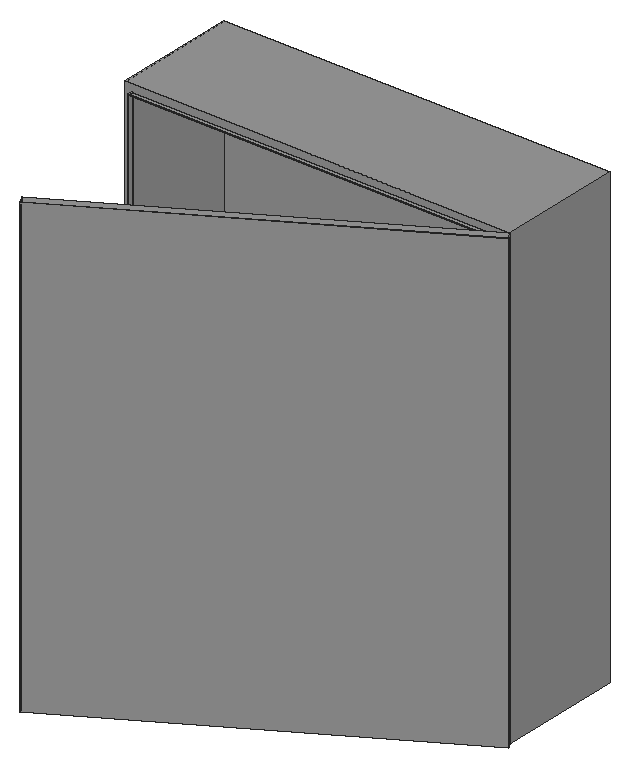
Revit family "Hager-Univers-IP55-D275-H950-Cl.II-Steel_encl-NoHosted-BE-en", category Equipement électrique, Revit 2020
Family settings
  Configuration du panneau = Deux colonnes, circuits au sein
  Cote de connecteur circulaire = Utiliser le diamètre
  Type d'élément = Tableau de raccordement
  Basée sur le plan de construction = Oui
  Toujours verticalement = Oui
  Couper avec des vides une fois chargée = Non
  Partagée = Non
  Point de calcul de pièce = Non
Parameters (values of type "Surface mounted (plaster) IP55 W800 H950 D275  - FR63S")
  Width Control [instance] = if([EF000008 - Width] > Min Width, [EF000008 - Width], Min Width)  # 800 mm
  Commentaires du type = [HG000003 - Range]  # "Univers"
  Thickness Door [instance] = if([EF009171 - Material plate thickness door/cover] > 3 mm, 3 mm, [EF009171 - Material plate thickness door/cover])  # 1.5 mm
  Seal Frame Offset [instance] = 17 mm  # constant formula
  Plinth Visibility [instance] = [HG000027 - Plinth height] > 0 mm  # no
  Min Width [instance] = 100 mm  # constant formula
  Min Depth [instance] = (2 * [EF009170 - Material plate thickness cabinet]) + 1 mm  # 4 mm
  Min Height [instance] = 100 mm  # constant formula
  Internal Frame Depth [instance] = (Door System Depth * 0.5)  # 9 mm
  Panel Name [instance] = ""  # (empty or 0)
  Model = ""
  HG000027 - Plinth height = 0 mm
  HG000026 - Floor standing = no
  HG000024 - Bottom section height = 600 mm
  HG000023 - Double section enclosure = no
  HG000016 - Door 3d visibility [instance] = yes
  HG000015 - Clearance visibility [instance] = no
  HG000014 - Door on the right [instance] = yes
  HG000013 - Door on the left [instance] = not([HG000014 - Door on the right])  # no
  HG000012 - Door swing angle [instance] = 30.00°
  HG000010 - Asymmetric doors = no
  HG000009 - Double swing door = no
  HG000006 - Flush mounted = no
  HG000004 - Manufacturer reference = "FR63S"
  HG000003 - Range = "Univers"
  HG000002 - With door or cover = yes
  Frame Offset Bottom [instance] = 10 mm  # constant formula
  Frame Offset [instance] = 15 mm  # constant formula
  EF015940 - Cover with overpressure release = no
  EF011959 - Degree of protection (NEMA) = ""
  EF009554 - Number of openings for flange plates = 6
  EF009212 - Cover model = "EV000116 - Closed"
  EF009171 - Material plate thickness door/cover = 1.5 mm
  EF009170 - Material plate thickness cabinet = 1.5 mm
  EF008873 - Nominal current (In) = 800 A
  EF007800 - Suitable for lightning protection = no
  EF006306 - With lock = no
  EF006244 - Transparent cover/door = no
  EF005474 - Degree of protection (IP) = "EV006420 - IP55"
  EF004464 - Type of door = "EV002646 - Single"
  EF004427 - Number of modules = 216
  EF004293 - Impact strength = "EV008784 - IK10"
  EF003532 - Suitable for outdoor use = no
  EF002950 - Width in number of modular spacings = 24
  EF001613 - Circuit integrity = "EV000494 - None"
  EF001596 - Material housing = "EV000179 - Steel"
  EF001131 - Internal depth = 275 mm
  EF001088 - Extension possible = yes
  EF000437 - Number of conduit inlets = 6
  EF000339 - Type of cover = "EV004216 - Door"
  EF000266 - Number of rows = 6
  EF000218 - Built-in depth = 0 mm
  EF000118 - With mounting plate = no
  EF000116 - RAL-number = "7035"
  EF000049 - Depth = 275 mm
  EF000040 - Height = 950 mm
  EF000008 - Width = 800 mm
  EF000007 - Colour = "EV000270 - Grey"
  EF000003 - Mounting method = "EV000384 - Surface mounted (plaster)"
  Door System Leaf Tolerance [instance] = 1.5 mm  # constant formula
  Door System Depth [instance] = 18 mm  # constant formula
  Door Height [instance] = Height Control - [HG000027 - Plinth height]  # 950 mm
  Description = ""
  Default Elevation = 1219.2 mm
  Connector Offset [instance] = Height Control / 2  # 475 mm
  Fabricant = "Hager"  # constant formula
  Height Control [instance] = if([EF000040 - Height] > Min Height, [EF000040 - Height], Min Height)  # 950 mm
  Depth Control [instance] = if([EF000049 - Depth] > Min Depth, [EF000049 - Depth], Min Depth)  # 275 mm
  Bottom Top Plate Trim [instance] = 1.5 mm  # constant formula
  Plinth height Ctrl [instance] = if([HG000027 - Plinth height] > 0 mm, [HG000027 - Plinth height], 12 mm)  # 12 mm
Types (5, lengths in mm): name | Width Control | HG000010 - Asymmetric doors | HG000009 - Double swing door | HG000004 - Manufacturer reference | EF009554 - Number of openings for flange plates | EF004464 - Type of door | EF004427 - Number of modules | EF000437 - Number of conduit inlets | EF000008 - Width
  Surface mounted (plaster) IP55 W1050 H950 D275  - FR64S | 1050 | no | yes | "FR64S" | 8 | "EV003602 - Double" | 288 | 8 | 1050
  Surface mounted (plaster) IP55 W1300 H950 D275  - FR65S | 1300 | yes | yes | "FR65S" | 10 | "EV003602 - Double" | 360 | 10 | 1300
  Surface mounted (plaster) IP55 W300 H950 D275  - FR61S | 300 | no | no | "FR61S" | 2 | "EV002646 - Single" | 72 | 2 | 300
  Surface mounted (plaster) IP55 W550 H950 D275  - FR62S | 550 | no | no | "FR62S" | 4 | "EV002646 - Single" | 144 | 4 | 550
  Surface mounted (plaster) IP55 W800 H950 D275  - FR63S | 800 | no | no | "FR63S" | 6 | "EV002646 - Single" | 216 | 6 | 800
Reference planes
  plane 1 "Center (Front/Back)": y = 0
  plane 2: z = 0
  plane 3 "Center (Left/Right)": x = 0
  plane 4: y = 0
  plane 5: y = 0
  plane 6: z = 0
  plane 7: x = -400
  plane 8: x = 400
  plane 9: x = 398.5
  plane 10: x = -398.5
  plane 11: z = 0
  plane 12: z = 1.5
  plane 13: y = -275
  plane 14: y = -1.5
  plane 15: x = 0
  plane 16: y = -257
  plane 17: y = -273.5
  plane 18: y = -255.5
  plane 19: x = -383.5
  plane 20: x = 383.5
  plane 21: z = 11.5
  plane 22: x = -383
  plane 23: x = 383
  plane 24: z = 0
  plane 25: z = 950
  plane 26: z = 950
  plane 27: z = 933.5
  plane 28: z = 948.5
Forms (mm)
  Extrusion 1, solid, material "Hager_Steel_RAL7035_Light_Grey", detail levels medium+fine
    sketch origin (-208.679, -4572, 0) x (-1, 0, 0) y (0, -1, 0)
      loop
        line (191.321, -4315) -> (-608.679, -4315) -> (-608.679, -4572) -> (191.321, -4572) -> (191.321, -4315)
    from 0 to 950
  Extrusion 2, void
    sketch origin (-350.771, -275, 1219.2) x (1, 0, 0) y (0, 0, 1)
      loop
        line (-47.729, -270.7) -> (-47.729, -1217.7) -> (749.271, -1217.7) -> (749.271, -270.7) -> (-47.729, -270.7)
    from -19.5 to -273.5
  Extrusion 3, void
    sketch origin (-290.084, -257, 1219.2) x (1, 0, 0) y (0, 0, 1)
      loop
        line (-93.416, -1207.7) -> (673.584, -1207.7) -> (673.584, -285.7) -> (-93.416, -285.7) -> (-93.416, -1207.7)
    from 0 to -1.5
  Extrusion 4, solid, material "Hager_Steel_RAL7035_Light_Grey", visible <- "Plinth Visibility", detail levels medium+fine
    sketch origin (0, 0, 0) x (1, 0, 0) y (0, 1, 0)
      loop
        line (-400, 0) -> (-400, -257) -> (400, -257) -> (400, 0) -> (-400, 0)
    from 0 to 12 <- "Plinth height Ctrl"
  Extrusion 5, solid, material "Hager_Steel_RAL7035_Light_Grey", detail levels coarse
    sketch origin (0, 0, 0) x (1, 0, 0) y (0, 1, 0)
      loop
        line (-400, 0) -> (-400, -275) -> (400, -275) -> (400, 0) -> (-400, 0)
    from 0 to 950 <- "Height Control"
  Sweep 6, void
    path in 3D
      loop
        line (-400, -257, 12) -> (400, -257, 12) -> (400, 0, 12) -> (-400, 0, 12) -> (-400, -257, 12)
    profile origin (-400, -128.5, 12) x (1, 0, 0) y (0, 0, 1)
      loop
        line (0, 0) -> (0, -1.5) -> (1.5, -1.5)
        arc (1.5, -1.5) -> (1.061, -0.439) -> (0, 0) r 1.5
  Extrusion 7, solid, material "Hager_Steel_RAL7035_Light_Grey", detail levels fine
    sketch origin (-400, -257, 0) x (1, 0, 0) y (0, 0, 1)
      loop
        line (16.5, 11.5) -> (783.5, 11.5) -> (783.5, 933.5) -> (16.5, 933.5) -> (16.5, 11.5)
      loop
        line (15, 10) -> (785, 10) -> (785, 935) -> (15, 935) -> (15, 10)
    from 0 to 9 <- "Internal Frame Depth"
Cuts and joins
  Extrusion 2, Extrusion 3 cuts Extrusion 1
  Sweep 6 cuts Extrusion 4
Lines and regions (mm)
  Masking region 1
    outline origin (0, 0, 0) x (1, 0, 0) y (0, 1, 0)
      loop
        line (-400, 0) -> (-400, -275) -> (400, -275) -> (400, 0) -> (-400, 0)
  Masking region 2, detail levels coarse
    outline origin (-290.084, -257, 1219.2) x (-1, 0, 0) y (0, 0, 1)
      loop
        line (-690.084, -1219.2) -> (109.916, -1219.2) -> (109.916, -269.2) -> (-690.084, -269.2) -> (-690.084, -1219.2)
  Masking region 3, detail levels coarse
    outline origin (0, 0, 0) x (0, 1, 0) y (0, 0, 1)
      loop
        line (0, 0) -> (0, 950) -> (-275, 950) -> (-275, 0) -> (0, 0)
  Masking region 4, visible <- "Plinth Visibility", detail levels medium+fine
    outline origin (0, 0, 0) x (0, 1, 0) y (0, 0, 1)
      loop
        line (-1.5, 12) -> (-255.5, 12)
        arc (-255.5, 12) -> (-255.939, 10.939) -> (-257, 10.5) r 1.5
        line (-257, 10.5) -> (-257, 0) -> (0, 0) -> (0, 10.5)
        arc (0, 10.5) -> (-1.061, 10.939) -> (-1.5, 12) r 1.5
  Masking region 5, detail levels medium+fine
    outline origin (0, 0, 594.038) x (0, 1, 0) y (0, 0, 1)
      loop
        line (0, -594.038) -> (0, 355.962) -> (-257, 355.962) -> (-257, -594.038) -> (0, -594.038)
  Masking region 6, detail levels medium+fine
    outline origin (-359.7, -257, 1211.883) x (-1, 0, 0) y (0, 0, 1)
      loop
        line (-759.7, -1211.883) -> (40.3, -1211.883) -> (40.3, -261.883) -> (-759.7, -261.883) -> (-759.7, -1211.883)
  Masking region 7, visible <- "Plinth Visibility", detail levels medium+fine
    outline origin (-320.334, -257, 1041.368) x (-1, 0, 0) y (0, 0, 1)
      loop
        line (-720.334, -1041.368) -> (79.666, -1041.368) -> (79.666, -1030.868)
        arc (79.666, -1030.868) -> (78.606, -1030.429) -> (78.166, -1029.368) r 1.5
        line (78.166, -1029.368) -> (-718.834, -1029.368)
        arc (-718.834, -1029.368) -> (-719.273, -1030.429) -> (-720.334, -1030.868) r 1.5
        line (-720.334, -1030.868) -> (-720.334, -1041.368)
  sketch lines
    curve 1: line (-400, 0, 12) -> (-400, -257, 12)
    curve 2: line (-400, -257, 12) -> (400, -257, 12)
    curve 3: line (400, 0, 12) -> (-400, 0, 12)
    curve 4: line (400, -257, 12) -> (400, 0, 12)
Dimensions and locks
  locked: plane 1 "Center (Front/Back)" to plane 5
  "EF009170 - Material plate thickness cabinet": plane 7 to plane 10
  "EF009170 - Material plate thickness cabinet": plane 8 to plane 9
  equal spacing: plane 7, plane 3 "Center (Left/Right)", plane 8
  "Width Control": plane 7 to plane 8
  "Depth Control": plane 4 to plane 13
  "EF009170 - Material plate thickness cabinet": plane 4 to plane 14
  "Height Control": plane 25 to level
  "HG000027 - Plinth height": plane 11 to level
  "EF009170 - Material plate thickness cabinet": plane 12 to plane 11
  "EF009170 - Material plate thickness cabinet": plane 17 to plane 13
  "EF009170 - Material plate thickness cabinet": plane 18 to plane 16
  "Frame Offset Bottom": plane 21 to plane 12
  "Frame Offset": plane 10 to plane 19
  "Frame Offset": plane 9 to plane 20
  "Door System Depth": plane 16 to plane 13
  "Seal Frame Offset": plane 7 to plane 22
  "Seal Frame Offset": plane 8 to plane 23
  "EF009170 - Material plate thickness cabinet": plane 26 to plane 28
  "Frame Offset": plane 28 to plane 27
  "Connector Offset": plane 2 to connector elem
  "Bottom Top Plate Trim": profile plane to Sweep 6 sketch curve
  "Bottom Top Plate Trim": Sweep 6 sketch curve to Sweep 6 sketch curve
  "Plinth height Ctrl": Masking region 4 sketch curve to level
  "Plinth height Ctrl": Masking region 7 sketch curve to level
  "Thickness Door": Extrusion 7 sketch curve to Extrusion 7 sketch curve  (x4)
  "Bottom Top Plate Trim": radius of Sweep 6 sketch curve
  "Bottom Top Plate Trim": radius of Masking region 4 sketch curve  (x2)
  "Bottom Top Plate Trim": radius of Masking region 7 sketch curve  (x2)
  aligned and locked: Extrusion 2 sketch curve to plane 12
  aligned and locked: Extrusion 2 sketch curve to plane 9
  aligned and locked: Extrusion 2 sketch curve to plane 10
  aligned and locked: Extrusion 2 to plane 14
  aligned and locked: Extrusion 1 sketch curve to plane 4
  aligned and locked: plane 8 to Extrusion 1 sketch curve
  aligned and locked: plane 7 to Extrusion 1 sketch curve
  aligned and locked: Extrusion 2 to plane 18
  aligned and locked: Extrusion 3 sketch curve to plane 19
  aligned and locked: plane 20 to Extrusion 3 sketch curve
  aligned and locked: Extrusion 3 to Extrusion 2
  aligned and locked: Extrusion 3 sketch curve to plane 21
  aligned and locked: plane 3 "Center (Left/Right)" to nested 1
  aligned and locked: Extrusion 1 sketch curve to plane 16
  aligned and locked: Extrusion 4 sketch curve to cut or joined group of Extrusion 1, Extrusion 2, Extrusion 3
  aligned and locked: Masking region 1 sketch curve to plane 7
  aligned and locked: Masking region 1 sketch curve to plane 5
  aligned and locked: Masking region 1 sketch curve to plane 8
  aligned and locked: Masking region 2 sketch curve to level
  aligned and locked: level to Masking region 3 sketch curve
  aligned and locked: plane 1 "Center (Front/Back)" to Masking region 3 sketch curve
  aligned and locked: plane 13 to Masking region 3 sketch curve
  aligned and locked: plane 5 to Masking region 4 sketch curve
  aligned and locked: Masking region 2 sketch curve to plane 8
  aligned and locked: Masking region 2 sketch curve to plane 7
  aligned and locked: plane 7 to nested 2
  aligned and locked: nested 2 to plane 5
  aligned and locked: plane 5 to Masking region 5 sketch curve
  aligned and locked: plane 26 to Masking region 5 sketch curve
  aligned and locked: Extrusion 5 sketch curve to plane 8
  aligned and locked: Extrusion 5 sketch curve to plane 7
  aligned and locked: Extrusion 5 sketch curve to plane 5
  aligned and locked: Extrusion 3 sketch curve to plane 27
  aligned and locked: Extrusion 2 sketch curve to plane 28
  aligned and locked: Masking region 2 to plane 25
  aligned and locked: Extrusion 4 to plane 16
  aligned and locked: profile plane to Sweep 6 sketch curve
  aligned and locked: Masking region 5 sketch curve to plane 24
  aligned and locked: level to Masking region 4 sketch curve
  aligned and locked: Masking region 1 to plane 13
  aligned and locked: nested 1 to plane 16
  aligned and locked: Masking region 3 to plane 25
  aligned and locked: plane 16 to Masking region 4 sketch curve
  aligned and locked: Masking region 5 sketch curve to plane 16
  aligned and locked: plane 24 to plane 11
  aligned and locked: plane 26 to plane 25
  aligned and locked: plane 26 to cut or joined group of Extrusion 1, Extrusion 2, Extrusion 3
  aligned and locked: nested 1 to plane 24
  aligned and locked: Extrusion 1 to Extrusion 3
  aligned and locked: Masking region 6 sketch curve to plane 8
  aligned and locked: Masking region 6 sketch curve to plane 24
  aligned and locked: Masking region 6 sketch curve to plane 7
  aligned and locked: Masking region 6 sketch curve to plane 26
  aligned and locked: Masking region 7 sketch curve to plane 7
  aligned and locked: level to Masking region 7 sketch curve
  aligned and locked: Masking region 7 sketch curve to plane 8
  aligned and locked: Extrusion 7 sketch curve to cut or joined group of Extrusion 1, Extrusion 2, Extrusion 3  (x4)
Automatic sketch dimensions
  plane 19 to Extrusion 3 sketch curve = 0 mm
  Extrusion 3 sketch curve to plane 20 = 0 mm
  Extrusion 3 sketch curve to plane 21 = 0 mm
  Extrusion 4 sketch curve to plane 7 = 0 mm
  Extrusion 4 sketch curve to plane 8 = 0 mm
  Extrusion 4 sketch curve to plane 16 = 0 mm
  Masking region 1 sketch curve to plane 13 = 0 mm
  Masking region 2 sketch curve to plane 25 = 0 mm
  Masking region 3 sketch curve to plane 25 = 0 mm
  Extrusion 5 sketch curve to plane 13 = 0 mm
  profile plane to Sweep 6 sketch curve = 0 mm
Nested families
  nested 1: "EC000058_Univers_Door" at (0, -257, 0), Double <- "HG000009 - Double swing door", Transparent <- "EF006244 - Transparent cover/door", Angle <- "HG000012 - Door swing angle", Door_Right <- "HG000014 - Door on the right", Assymetrical <- "HG000010 - Asymmetric doors", Door <- "HG000002 - With door or cover", Width_Ctrl <- "Width Control", 3d_Door <- "HG000016 - Door 3d visibility", Clearance <- "HG000015 - Clearance visibility", Door_Left <- "HG000013 - Door on the left", Width <- "Width Control", Door_Depth <- "Door System Depth", Leaf_Tolerance <- "Door System Leaf Tolerance", Height <- "Door Height", Lock_Visibility <- "EF006306 - With lock", Thickness <- "Thickness Door", type "EC000058_Univers_Door", detail levels medium+fine
    with min_wh 4 mm, Width_Ctrl 800 mm, Width 800 mm, Transparent no, Thickness 1.5 mm, Seal_Material Hager_Rubber, Lock_Visibility no, Lock_Material Hager_Plastic_RAL9005_Jet_Black, Leaf_Width 800 mm, Leaf_Tolerance_External_Sides 0 mm, Leaf_Tolerance 1.5 mm, Leaf_Offset 0 mm, Leaf_Height 947 mm, Leaf_2_Width 800 mm, Leaf_2_Offset 400 mm, Leaf_1_Width 800 mm, Leaf_1_Offset 400 mm, Height_Ctrl 950 mm, Height 950 mm, Glass_Material Hager_Glass, Double_Clearance_Ctrl no, Double no, Door_Right_Ctrl yes, Door_Right yes, Door_Material Hager_Steel_RAL7035_Light_Grey, Door_Left_Ctrl no, Door_Left no, Door_Depth 18 mm, Door yes, Clearance_Material Hager_Clearance, Clearance_Depth 800 mm, Clearance_Ctrl no, Clearance no, Assymetrical no, Angle 30.00°, 3d_Door yes
  nested 2: "Hager_Enclosure_Symbol" at (-400, 0, 0), Height <- "Depth Control", Width <- "Width Control", type "Hager_Enclosure_Symbol"
    with Width_Ctrl 800 mm, Width 800 mm, Height_Ctrl 275 mm, Height 275 mm, A_Width_Int 18.047 mm, A_Width 216.562 mm, A_Height_Ctrl 240.625 mm, A_Height 240.625 mm
Connectors
  electrical at (0, 0, 475)
    settings: on plane 1 "Center (Front/Back)", index 1, voltage 0 V, apparent load 0 VA, apparent load phase1 0 VA, apparent load phase2 0 VA, apparent load phase3 0 VA, power factor 1, load classification "Other", number of poles 1, system type 30, power factor state 1, is connector primary yes, connector utility no, sub classification motor no, connector description ""
Definition of nested family "EC000058_Univers_Door"
  Parameters (values of type "EC000058_Univers_Door")
    min_wh [instance] = (2 * Thickness) + 1 mm  # 11 mm
    Width_Ctrl [instance] = 400 mm
    Width [instance] = 500 mm
    Transparent [instance] = yes
    Thickness [instance] = 5 mm
    Seal_Material [instance] = none
    Lock_Visibility [instance] = yes
    Lock_Material [instance] = none
    Leaf_Width [instance] = if((Width_Ctrl - 2 * Leaf_Tolerance_External_Sides) > 0 mm, (Width_Ctrl - 2 * Leaf_Tolerance_External_Sides), min_wh)  # 400 mm
    Leaf_Tolerance_External_Sides [instance] = 0 mm  # constant formula
    Leaf_Tolerance [instance] = 1.5 mm
    Leaf_Offset [instance] = 0 mm  # constant formula
    Leaf_Height [instance] = if((Height_Ctrl - 2 * Leaf_Tolerance) > 0 mm, (Height_Ctrl - 2 * Leaf_Tolerance), min_wh)  # 497 mm
    Leaf_2_Width [instance] = if(and(and(Double, Assymetrical), Door_Left), (Leaf_Width / 3) - (Leaf_Tolerance / 2), if(and(and(Double, Assymetrical), Door_Right), (Leaf_Width / 3) * 2 - (Leaf_Tolerance / 2), if(and(Double, not(Assymetrical)), (Leaf_Width / 2) - Leaf_Tolerance, Leaf_Width)))  # 400 mm
    Leaf_2_Offset [instance] = if(and(Double, Assymetrical), Leaf_2_Width / 2, if(and(Double, not(Assymetrical)), Leaf_Width / 4, Leaf_Width / 2))  # 200 mm
    Leaf_1_Width [instance] = if(and(and(Double, Assymetrical), Door_Right), (Leaf_Width / 3) - (Leaf_Tolerance / 2), if(and(and(Double, Assymetrical), Door_Left), (Width / 3) * 2 - (Leaf_Tolerance / 2), if(and(Double, not(Assymetrical)), (Leaf_Width / 2) - Leaf_Tolerance, Leaf_Width)))  # 400 mm
    Leaf_1_Offset [instance] = if(and(Double, Assymetrical), Leaf_1_Width / 2, if(and(Double, not(Assymetrical)), Leaf_Width / 4, Leaf_Width / 2))  # 200 mm
    Height_Ctrl [instance] = if(Height > min_wh, Height, min_wh)  # 500 mm
    Height [instance] = 500 mm
    Glass_Material [instance] = none
    Double_Clearance_Ctrl [instance] = and(Double, Clearance)  # no
    Double [instance] = no
    Door_Right_Ctrl [instance] = and(or(Door_Right, Double), Door)  # yes
    Door_Right [instance] = yes
    Door_Material [instance] = none
    Door_Left_Ctrl [instance] = and(or(Door_Left, Double), Door)  # no
    Door_Left [instance] = no
    Door_Depth [instance] = 30 mm
    Door [instance] = yes
    Default Elevation = 1219.2 mm
    Clearance_Material [instance] = none
    Clearance_Depth [instance] = if(Leaf_1_Width > Leaf_2_Width, Leaf_1_Width, Leaf_2_Width)  # 400 mm
    Clearance_Ctrl [instance] = and(not(Double), Clearance)  # yes
    Clearance [instance] = yes
    Assymetrical [instance] = yes
    Angle [instance] = 30.00°
    3d_Door [instance] = yes
  Reference planes
    plane 1 "Center (Front/Back)": y = 0
    plane 2 "Bottom": z = 0
    plane 3 "Center (Left/Right)": x = 0
    plane 4: z = 500
    plane 5: x = -200
    plane 6: x = 200
    plane 7: z = 500
    plane 8: x = -200
    plane 9: z = 0
    plane 10: x = 200
    plane 11: y = 0
    plane 12: z = 1.5
    plane 13: x = -600
    plane 14: y = -400
    plane 15: x = 600
    plane 16: x = 0
    plane 17: x = 0
    plane 18: x = -200
    plane 19: x = 200
    plane 20: z = 498.5
  Forms (mm)
    Extrusion 1, solid, material <- "Clearance_Material", visible <- "Double_Clearance_Ctrl"
      sketch origin (1200, 0, 0) x (1, 0, 0) y (0, 0, -1)
        loop
          line (-1800, -498.5) -> (-600, -498.5) -> (-600, 0) -> (-1800, 0) -> (-1800, -498.5)
      from 0 to -400
  Dimensions and locks
    equal spacing: plane 5, plane 3 "Center (Left/Right)", plane 6
    "Width_Ctrl": plane 5 to plane 6
    "Leaf_Offset": plane 5 to plane 8
    "Leaf_Offset": plane 6 to plane 10
    "Leaf_Offset": plane 9 to level
    "Leaf_Offset": plane 4 to plane 7
    "Height_Ctrl": plane 4 to level
    "Leaf_Tolerance": plane 12 to plane 9
    locked: plane 11 to plane 1 "Center (Front/Back)"
    "Leaf_1_Offset": plane 18 to plane 16
    "Leaf_2_Offset": plane 17 to plane 19
    "Leaf_1_Width": plane 13 to plane 8
    "Leaf_2_Width": plane 10 to plane 15
    "Clearance_Depth": plane 14 to plane 1 "Center (Front/Back)"
    "Leaf_Tolerance_External_Sides": plane 8 to plane 18
    "Leaf_Tolerance_External_Sides": plane 19 to plane 10
    "Leaf_Tolerance": plane 7 to plane 20
    aligned and locked: level to plane 2 "Bottom"
    aligned and locked: nested 1 to plane 16
    aligned and locked: nested 2 to plane 17
    aligned and locked: Extrusion 1 to plane 13
    aligned and locked: plane 15 to Extrusion 1
    aligned and locked: Extrusion 1 to plane 14
    aligned and locked: plane 12 to nested 1
    aligned and locked: nested 2 to plane 12
    aligned and locked: Extrusion 1 to plane 11
    aligned and locked: plane 20 to Extrusion 1
    aligned and locked: nested 2 to plane 11
    aligned and locked: nested 1 to plane 11
  Automatic sketch dimensions
    Extrusion 1 sketch curve to level = 0 mm
    plane 5 to Extrusion 1 sketch curve = 400 mm
    plane 6 to Extrusion 1 sketch curve = 400 mm
    Extrusion 1 sketch curve to plane 4 = 1.5 mm
  Nested families
    nested 1: "EC000058_Univers_Door_Leaf" at (0, 0, 1.5), Width <- "Leaf_1_Width", visible <- "Door_Left_Ctrl", Leaf_Height <- "Leaf_Height", Angle <- "Angle", 3d_Door <- "3d_Door", Transparent <- "Transparent", Clearance Material <- "Clearance_Material", Clearance <- "Clearance_Ctrl", Door_Material <- "Door_Material", Glass_Material <- "Glass_Material", Door_Depth <- "Door_Depth", Lock_Material <- "Lock_Material", Seal_Material <- "Seal_Material", Lock_Visibility <- "Lock_Visibility", Thickness <- "Thickness", type "EC000058_Univers_Door_Leaf"
      with Width 400 mm, Transparent_Glass_Offset 30 mm, Transparent_Ctrl yes, Transparent yes, Thickness 5 mm, Standard no, Seal_Material none, Seal_D2 8 mm, Seal_D1 1 mm, Offset_Internal_Frame 10 mm, Lock_Width 20 mm, Lock_Visibility_3d yes, Lock_Visibility yes, Lock_Thickness_3 3 mm, Lock_Thickness_2 1 mm, Lock_Thickness_1 3 mm, Lock_Radius_Offset_2 16 mm, Lock_Radius_Offset_1 15 mm, Lock_Radius_2 5 mm, Lock_Radius 6 mm, Lock_Offset 5 mm, Lock_Material none, Lock_Height 80 mm, Lock_Cover_Top_Offset_2d 17 mm, Lock_Cover_Height -65 mm, Leaf_Height 497 mm, Internal_Seal_Thickness 8 mm, Internal_Seal_Depth_2 4.5 mm, Internal_Frame_Depth 25 mm, Glass_Thickness -1 mm, Glass_Offset -2 mm, Glass_Material none, Door_Material none, Door_Depth 30 mm, Clearance Material none, Clearance yes, Angle_Ctrl 30.00°, Angle 30.00°, 3d_Door yes
    nested 2: "EC000058_Univers_Door_Leaf" at (0, 0, 1.5) x (-1, 0, 0) z (0, 0, 1), Width <- "Leaf_2_Width", visible <- "Door_Right_Ctrl", Leaf_Height <- "Leaf_Height", Angle <- "Angle", 3d_Door <- "3d_Door", Transparent <- "Transparent", Clearance Material <- "Clearance_Material", Clearance <- "Clearance_Ctrl", Door_Material <- "Door_Material", Glass_Material <- "Glass_Material", Door_Depth <- "Door_Depth", Lock_Material <- "Lock_Material", Seal_Material <- "Seal_Material", Lock_Visibility <- "Lock_Visibility", Thickness <- "Thickness", type "EC000058_Univers_Door_Leaf"
      with Width 400 mm, Transparent_Glass_Offset 30 mm, Transparent_Ctrl yes, Transparent yes, Thickness 5 mm, Standard no, Seal_Material none, Seal_D2 8 mm, Seal_D1 1 mm, Offset_Internal_Frame 10 mm, Lock_Width 20 mm, Lock_Visibility_3d yes, Lock_Visibility yes, Lock_Thickness_3 3 mm, Lock_Thickness_2 1 mm, Lock_Thickness_1 3 mm, Lock_Radius_Offset_2 16 mm, Lock_Radius_Offset_1 15 mm, Lock_Radius_2 5 mm, Lock_Radius 6 mm, Lock_Offset 5 mm, Lock_Material none, Lock_Height 80 mm, Lock_Cover_Top_Offset_2d 17 mm, Lock_Cover_Height -65 mm, Leaf_Height 497 mm, Internal_Seal_Thickness 8 mm, Internal_Seal_Depth_2 4.5 mm, Internal_Frame_Depth 25 mm, Glass_Thickness -1 mm, Glass_Offset -2 mm, Glass_Material none, Door_Material none, Door_Depth 30 mm, Clearance Material none, Clearance yes, Angle_Ctrl 30.00°, Angle 30.00°, 3d_Door yes
  Definition of nested family "EC000058_Univers_Door_Leaf"
    Parameters (values of type "EC000058_Univers_Door_Leaf")
      Width [instance] = 2000 mm
      Transparent_Glass_Offset [instance] = 30 mm
      Transparent_Ctrl [instance] = and(Transparent, [3d_Door])  # yes
      Transparent [instance] = yes
      Thickness [instance] = 5 mm
      Standard [instance] = and(not(Transparent), [3d_Door])  # no
      Seal_Material [instance] = none
      Seal_D2 [instance] = 8 mm  # constant formula
      Seal_D1 [instance] = 1 mm  # constant formula
      Offset_Internal_Frame [instance] = 10 mm  # constant formula
      Lock_Width [instance] = 20 mm  # constant formula
      Lock_Visibility_3d [instance] = and(Lock_Visibility, [3d_Door])  # yes
      Lock_Visibility [instance] = yes
      Lock_Thickness_3 [instance] = 3 mm  # constant formula
      Lock_Thickness_2 [instance] = 1 mm  # constant formula
      Lock_Thickness_1 [instance] = 3 mm  # constant formula
      Lock_Radius_Offset_2 [instance] = Lock_Radius_Offset_1 + 1 mm  # 16 mm
      Lock_Radius_Offset_1 [instance] = 15 mm  # constant formula
      Lock_Radius_2 [instance] = Lock_Radius - 1 mm  # 5 mm
      Lock_Radius [instance] = 6 mm  # constant formula
      Lock_Offset [instance] = 5 mm  # constant formula
      Lock_Material [instance] = none
      Lock_Height [instance] = 80 mm  # constant formula
      Lock_Cover_Top_Offset_2d [instance] = Lock_Radius_Offset_2 + 1 mm  # 17 mm
      Lock_Cover_Height [instance] = -(Lock_Height - Lock_Radius_Offset_1)  # -65 mm
      Leaf_Height [instance] = 2720.336 mm
      Internal_Seal_Thickness [instance] = 8 mm  # constant formula
      Internal_Seal_Depth_2 [instance] = 4.5 mm  # constant formula
      Internal_Frame_Depth [instance] = if(Door_Depth - Thickness > 5 mm, Door_Depth - Thickness, 5 mm)  # 25 mm
      Glass_Thickness [instance] = if(Thickness > 15 mm, Glass_Offset + 10 mm, -1 mm)  # -1 mm
      Glass_Offset [instance] = if(Thickness > 15 mm, -(Thickness + 10 mm) / 2, -2 mm)  # -2 mm
      Glass_Material [instance] = none
      Door_Material [instance] = none
      Door_Depth [instance] = 30 mm
      Default Elevation = 0 mm
      Clearance Material [instance] = none
      Clearance [instance] = yes
      Angle_Ctrl [instance] = if(Angle > 180.00°, 180.00°, Angle)  # 90.00°
      Angle [instance] = 90.00°
      3d_Door [instance] = yes
    Reference planes
      plane 1 "Center (Front/Back)": y = 0
      plane 2: z = 0
      plane 3 "Center (Left/Right)": x = 0
      plane 4: y = 2000
      plane 5: x = -1000
      plane 6: x = 1000
      plane 7: x = -3000
      plane 8: z = 2720.336
      plane 9: z = 30
      plane 10: z = 2690.336
      plane 11: x = 970
      plane 12: x = -970
      plane 13: y = -3
      plane 14: z = 107.833
      plane 15: y = -5
      plane 16: y = -223.314
      plane 17: x = -1000
      plane 18: z = 1360.168
      plane 19: y = 30
    Forms (mm)
      Extrusion 1, solid, material <- "Clearance Material", visible <- "Clearance"
        sketch origin (0, 0, 0) x (1, 0, 0) y (0, 0, 1)
          loop
            line (-3000, 2720.336) -> (-3000, 0) -> (1000, 0) -> (1000, 2720.336) -> (-3000, 2720.336)
        from 0 to -2000
      Extrusion 2, solid, material <- "Door_Material", visible <- "Standard", detail levels medium+fine
        sketch origin (-1000, 0, 0) x (0, 1, 0) y (-1, 0, 0)
          loop
            line (0, 30) -> (0, 25) -> (2000, 25) -> (2000, 30) -> (0, 30)
        from 0 to 2720.336 <- "Leaf_Height"
      Extrusion 3, solid, material <- "Door_Material", visible <- "Transparent_Ctrl", detail levels medium+fine
        sketch origin (-1000, 0, 0) x (0, 1, 0) y (-1, 0, 0)
          loop
            line (0, 25) -> (2000, 25) -> (2000, 30) -> (0, 30) -> (0, 25)
        from 0 to 2720.336 <- "Leaf_Height"
      Extrusion 4, void
        sketch origin (-1025, 2000, 0) x (0, 1, 0) y (0, 0, -1)
          loop
            line (-30, -2690.336) -> (-30, -30) -> (-1970, -30) -> (-1970, -2690.336) -> (-30, -2690.336)
        from 0 to 5 <- "Thickness"
      Sweep 5, solid, material <- "Seal_Material", visible <- "Transparent_Ctrl", detail levels fine
        path in 3D
          loop
            line (-1025, 30, 30) -> (-1025, 30, 2690.336) -> (-1025, 1970, 2690.336) -> (-1025, 1970, 30) -> (-1025, 30, 30)
        profile origin (-1025, 1000, 30) x (1, 0, 0) y (0, 0, 1)
          loop
            line (0, 0) -> (0, -8) -> (1, -8) -> (1, 0) -> (0, 0)
      Extrusion 6, solid, material <- "Glass_Material", visible <- "Transparent_Ctrl", detail levels medium+fine
        sketch origin (-1030, 0, 0) x (0, 1, 0) y (0, 0, -1)
          loop
            line (1970, -2690.336) -> (1970, -30) -> (30, -30) -> (30, -2690.336) -> (1970, -2690.336)
        from -2 <- "Glass_Offset" to -1 <- "Glass_Thickness"
      Extrusion 7, solid, material <- "Door_Material", visible <- "3d_Door", detail levels medium+fine
        sketch origin (-1025, 2000, 0) x (0, -1, 0) y (0, 0, -1)
          loop
            line (0, -2720.336) -> (2000, -2720.336) -> (2000, 0) -> (0, 0) -> (0, -2720.336)
          loop
            line (1995, -5) -> (5, -5) -> (5, -2715.336) -> (1995, -2715.336) -> (1995, -5)
        from 0 to 25 <- "Internal_Frame_Depth"
      Sweep 8, solid, material <- "Seal_Material", visible <- "Transparent_Ctrl", detail levels fine
        path in 3D
          loop
            line (-1025, 0, 0) -> (-1025, 2000, 0) -> (-1025, 2000, 2720.336) -> (-1025, 0, 2720.336) -> (-1025, 0, 0)
        profile origin (-1025, 0, 1360.168) x (1, 0, 0) y (0, 1, 0)
          loop
            line (0, 10) -> (2.975, 10)
            arc (2.975, 10) -> (4.053, 10.447) -> (4.5, 11.525) r 1.525
            line (4.5, 11.525) -> (4.5, 16.527)
            arc (4.5, 16.527) -> (4.069, 17.569) -> (3.027, 18) r 1.473
            line (3.027, 18) -> (0, 18) -> (0, 10)
      Extrusion 9, solid, material <- "Lock_Material", visible <- "Lock_Visibility_3d", detail levels fine
        sketch origin (-1030, 0, 0) x (0, 1, 0) y (0, 0, -1)
          loop
            arc (1993.5, -1400.168) -> (1994.561, -1399.729) -> (1995, -1398.668) r 1.5
            line (1995, -1398.668) -> (1995, -1320.168) -> (1975, -1320.168) -> (1975, -1398.668)
            arc (1975, -1398.668) -> (1975.439, -1399.729) -> (1976.5, -1400.168) r 1.5
            line (1976.5, -1400.168) -> (1993.5, -1400.168)
        from 3 <- "Lock_Thickness_1" to 0
      Blend 10, solid, material <- "Lock_Material", visible <- "Lock_Visibility_3d", detail levels fine
        base sketch origin (-1033, 0, 0) x (0, 1, 0) y (0, 0, -1)
          loop
            line (1975, -1320.168) -> (1975, -1398.668)
            arc (1975, -1398.668) -> (1975.439, -1399.729) -> (1976.5, -1400.168) r 1.5
            line (1976.5, -1400.168) -> (1993.5, -1400.168)
            arc (1993.5, -1400.168) -> (1994.561, -1399.729) -> (1995, -1398.668) r 1.5
            line (1995, -1398.668) -> (1995, -1320.168) -> (1975, -1320.168)
        top sketch origin (-1033, 0, 0) x (0, 1, 0) y (0, 0, -1)
          loop
            line (1976, -1320.168) -> (1976, -1398.668)
            arc (1976, -1398.668) -> (1976.146, -1399.022) -> (1976.5, -1399.168) r 0.5
            line (1976.5, -1399.168) -> (1993.5, -1399.168)
            arc (1993.5, -1399.168) -> (1993.854, -1399.022) -> (1994, -1398.668) r 0.5
            line (1994, -1398.668) -> (1994, -1320.168) -> (1976, -1320.168)
        from 0 to 1 <- "Lock_Thickness_2"
      Blend 11, solid, material <- "Lock_Material", visible <- "Lock_Visibility_3d", detail levels fine
        base sketch origin (-1034, 0, 0) x (0, 1, 0) y (0, 0, -1)
          loop
            line (1978, -1320.168) -> (1978, -1384.168)
            arc (1978, -1384.168) -> (1985, -1391.168) -> (1992, -1384.168) r 7
            line (1992, -1384.168) -> (1992, -1320.168) -> (1978, -1320.168)
        top sketch origin (-1034, 0, 0) x (0, 1, 0) y (0, 0, -1)
          loop
            line (1991, -1320.168) -> (1979, -1320.168) -> (1979, -1383.168)
            arc (1979, -1383.168) -> (1985, -1389.168) -> (1991, -1383.168) r 6
            line (1991, -1383.168) -> (1991, -1320.168)
        from 0 to 3 <- "Lock_Thickness_3"
      Extrusion 12, solid, material <- "Lock_Material", visible <- "Lock_Visibility_3d", detail levels fine
        sketch origin (-1030, 1975, 1320.168) x (1, 0, 0) y (0, -1, 0)
          loop
            line (-7, -19) -> (-7, -1) -> (0, -1) -> (0, 0) -> (-8, 0) -> (-8, -20) -> (0, -20) -> (0, -19) -> (-7, -19)
        from 0 to -65 <- "Lock_Cover_Height"
      Extrusion 13, void
        sketch origin (-1038, 1995, 1320.168) x (-1, 0, 0) y (0, 0, -1)
          loop
            line (-5, -65) -> (0, -65) -> (-5, -60) -> (-5, -65)
        from 0 to 20 <- "Lock_Width"
      Extrusion 14, void
        sketch origin (-1038, 1975, 1320.168) x (0, -1, 0) y (0, 0, -1)
          loop
            circle (-10, -15.995) r 6
          loop
            circle (-10, -15.995) r 5
        from 0 to 2
      Extrusion 15, solid, material <- "Lock_Material", visible <- "Lock_Visibility_3d", detail levels medium
        sketch origin (-1030, 0, 0) x (0, 1, 0) y (0, 0, -1)
          loop
            arc (1993.5, -1400.168) -> (1994.561, -1399.729) -> (1995, -1398.668) r 1.5
            line (1995, -1398.668) -> (1995, -1320.168) -> (1975, -1320.168) -> (1975, -1398.668)
            arc (1975, -1398.668) -> (1975.439, -1399.729) -> (1976.5, -1400.168) r 1.5
            line (1976.5, -1400.168) -> (1993.5, -1400.168)
        from 8 to 0
    Cuts and joins
      Extrusion 4 cuts Extrusion 3
      Extrusion 13, Extrusion 14 cuts Extrusion 9
      Extrusion 14 cuts Blend 11
      Extrusion 13, Extrusion 14 cuts Extrusion 12
      joined: Extrusion 9, Blend 10, Blend 11, Extrusion 12
      Extrusion 14 cuts Extrusion 15
    Lines and regions (mm)
      Masking region 1, visible <- "Lock_Visibility", detail levels fine
        outline origin (0, 0, 0) x (0, 1, 0) y (0, 0, 1)
          loop
            line (30, 1320.168) -> (33, 1320.168) -> (33, 1400.168) -> (30, 1400.168) -> (30, 1320.168)
      Masking region 2, visible <- "Lock_Visibility", detail levels fine
        outline origin (0, 3.143, 0) x (0, 1, 0) y (0, 0, 1)
          loop
            line (29.857, 1354.168) -> (30.857, 1354.168) -> (30.857, 1366.168) -> (29.857, 1366.168) -> (29.857, 1354.168)
      Masking region 3, detail levels medium+fine
        outline origin (0, 0, 0) x (0, 1, 0) y (0, 0, 1)
          loop
            line (0, 0) -> (30, 0) -> (30, 2720.336) -> (0, 2720.336) -> (0, 0)
      Masking region 4, detail levels medium+fine
        outline origin (0, 0, 0) x (1, 0, 0) y (0, 0, 1)
          loop
            line (-1000, 2720.336) -> (-1000, 0) -> (1000, 0) -> (1000, 2720.336) -> (-1000, 2720.336)
      Masking region 5, visible <- "Lock_Visibility", detail levels fine
        outline origin (-47.116, 0, 0) x (1, 0, 0) y (0, 0, 1)
          loop
            arc (1024.616, 1399.168) -> (1023.556, 1398.729) -> (1023.116, 1397.668) r 1.5
            line (1023.116, 1397.668) -> (1023.116, 1320.168) -> (1041.116, 1320.168) -> (1041.116, 1397.668)
            arc (1041.116, 1397.668) -> (1040.677, 1398.729) -> (1039.616, 1399.168) r 1.5
            line (1039.616, 1399.168) -> (1024.616, 1399.168)
      Masking region 6, visible <- "Lock_Visibility", detail levels medium+fine
        outline origin (-25, 0, 0) x (1, 0, 0) y (0, 0, 1)
          loop
            arc (1001.5, 1400.168) -> (1000.439, 1399.729) -> (1000, 1398.668) r 1.5
            line (1000, 1398.668) -> (1000, 1320.168) -> (1020, 1320.168) -> (1020, 1398.668)
            arc (1020, 1398.668) -> (1019.561, 1399.729) -> (1018.5, 1400.168) r 1.5
            line (1018.5, 1400.168) -> (1001.5, 1400.168)
      Masking region 7, visible <- "Lock_Visibility", detail levels fine
        outline origin (-73.735, 0, 0) x (1, 0, 0) y (0, 0, 1)
          loop
            line (1051.735, 1382.168) -> (1065.735, 1382.168) -> (1065.735, 1384.168)
            arc (1065.735, 1384.168) -> (1058.735, 1391.168) -> (1051.735, 1384.168) r 7
            line (1051.735, 1384.168) -> (1051.735, 1382.168)
      Masking region 8, visible <- "Lock_Visibility", detail levels fine
        outline origin (-73.735, 0, 0) x (1, 0, 0) y (0, 0, 1)
          loop
            line (1052.735, 1382.168) -> (1064.735, 1382.168) -> (1064.735, 1383.168)
            arc (1064.735, 1383.168) -> (1058.735, 1389.168) -> (1052.735, 1383.168) r 6
            line (1052.735, 1383.168) -> (1052.735, 1382.168)
      Masking region 9, visible <- "Lock_Visibility", detail levels fine
        outline origin (-25, 0, 0) x (1, 0, 0) y (0, 0, 1)
          loop
            line (1020, 1320.168) -> (1020, 1382.168) -> (1000, 1382.168) -> (1000, 1320.168) -> (1020, 1320.168)
      Masking region 10, detail levels medium+fine
        outline origin (0, 0, 0) x (1, 0, 0) y (0, 0, 1)
          loop
            circle (985, 1335.144) r 6
      Masking region 11, detail levels fine
        outline origin (0, 0, 0) x (1, 0, 0) y (0, 0, 1)
          loop
            circle (985, 1335.144) r 5
      Masking region 12, visible <- "Lock_Visibility", detail levels fine
        outline origin (0, 12.767, 0) x (0, 1, 0) y (0, 0, 1)
          loop
            line (20.233, 1320.168) -> (21.233, 1320.168) -> (21.233, 1399.168) -> (20.233, 1400.168) -> (20.233, 1320.168)
      Masking region 13, visible <- "Lock_Visibility", detail levels fine
        outline origin (0, 13.767, -10) x (0, 1, 0) y (0, 0, 1)
          loop
            line (20.233, 1330.168) -> (23.233, 1330.168) -> (23.233, 1399.168) -> (20.233, 1402.168) -> (20.233, 1330.168)
      Masking region 14, visible <- "Lock_Visibility", detail levels fine
        outline origin (0, 12.767, -10) x (0, 1, 0) y (0, 0, 1)
          loop
            line (20.233, 1330.168) -> (25.233, 1330.168) -> (25.233, 1399.305) -> (20.233, 1394.305) -> (20.233, 1330.168)
      Masking region 15, visible <- "Lock_Visibility", detail levels medium
        outline origin (0, 0, 0) x (0, 1, 0) y (0, 0, 1)
          loop
            line (30, 1320.168) -> (38, 1320.168) -> (38, 1400.168) -> (30, 1400.168) -> (30, 1320.168)
      Masking region 16, visible <- "Lock_Visibility", detail levels fine
        outline origin (-1000, 0, 0) x (0, 1, 0) y (-1, 0, 0)
          loop
            line (1975, 30) -> (1995, 30) -> (1995, 38) -> (1975, 38) -> (1975, 30)
          loop
            line (1979, 37) -> (1976, 37) -> (1976, 34) -> (1978, 34) -> (1979, 37)
          loop
            line (1994, 37) -> (1991, 37) -> (1992, 34) -> (1994, 34) -> (1994, 37)
      Masking region 17, visible <- "Lock_Visibility", detail levels medium
        outline origin (-1000, 0, 0) x (0, 1, 0) y (-1, 0, 0)
          loop
            line (1975, 30) -> (1995, 30) -> (1995, 38) -> (1975, 38) -> (1975, 30)
      symbolic lines
        curve 1: line (1000, 0, 0) -> (-3000, 0, 0)
        curve 2: arc (1000, 0, 0) -> (-1000, 2000, 0) -> (-3000, 0, 0) r 2000
        curve 4: line (-1030, 0, 0) -> (-1030, 2000, 0)
      reference lines
        curve 3: line (-1000, 0, 0) -> (-1000, 2000, 0)
      symbolic lines, detail levels medium+fine
        curve 5: line (-1030, 2000, 0) -> (-1025, 2000, 0)
        curve 7: line (-1025, 0, 0) -> (-1030, 0, 0)
        curve 8: line (-1025, 0, 0) -> (-1000, 0, 0)
        curve 9: line (-1000, 0, 0) -> (-1000, 2000, 0)
        curve 10: line (-1000, 2000, 0) -> (-1025, 2000, 0)
      symbolic lines, detail levels fine
        curve 6: line (-1025, 2000, 0) -> (-1025, 0, 0)
      sketch lines
        curve 11: line (-1025, 0, 2720.336) -> (-1025, 0, 0)
        curve 12: line (-1025, 2000, 0) -> (-1025, 0, 0)
        curve 13: line (-1025, 2000, 2720.336) -> (-1025, 2000, 0)
        curve 14: line (-1025, 0, 2720.336) -> (-1025, 2000, 2720.336)
        curve 15: line (-1025, 1970, 30) -> (-1025, 30, 30)
        curve 16: line (-1025, 30, 30) -> (-1025, 30, 2690.336)
        curve 17: line (-1025, 1970, 2690.336) -> (-1025, 1970, 30)
        curve 18: line (-1025, 30, 2690.336) -> (-1025, 1970, 2690.336)
      symbolic lines, visible <- "Transparent", detail levels medium+fine
        curve 19: line (-970, 0, 2690.336) -> (970, 0, 2690.336)
        curve 20: line (-970, 0, 30) -> (-970, 0, 2690.336)
        curve 21: line (970, 0, 30) -> (-970, 0, 30)
        curve 22: line (970, 0, 2690.336) -> (970, 0, 30)
    Dimensions and locks
      "Width": plane 1 "Center (Front/Back)" to plane 4
      equal spacing: plane 5, plane 3 "Center (Left/Right)", plane 6
      "Width": plane 5 to plane 6
      "Width": plane 7 to plane 5
      "Leaf_Height": plane 8 to level
      "Width": curve 5 to curve 3
      "Width": curve 3 to curve 3
      plane 8 to plane 10 = 30 mm
      plane 9 to level = 30 mm
      plane 12 to plane 5 = 30 mm
      plane 6 to plane 11 = 30 mm
      Extrusion 1 to Extrusion 4 sketch curve = 30 mm
      "Transparent_Glass_Offset": curve 3 to Extrusion 4 sketch curve
      "Transparent_Glass_Offset": Extrusion 4 sketch curve to cut or joined group of Extrusion 3, Extrusion 4  (x2)
      cut or joined group of Extrusion 3, Extrusion 4 to Extrusion 6 sketch curve = 30 mm
      "Transparent_Glass_Offset": cut or joined group of Extrusion 3, Extrusion 4 to Extrusion 4 sketch curve
      "Thickness": curve 6 to curve 4
      "Thickness": Extrusion 7 sketch curve to Extrusion 7 sketch curve  (x4)
      "Door_Depth": curve 4 to curve 3
      "Offset_Internal_Frame": profile plane to Sweep 8 sketch curve
      "Internal_Seal_Thickness": Sweep 8 sketch curve to Sweep 8 sketch curve
      "Internal_Seal_Depth_2": profile plane to Sweep 8 sketch curve
      "Seal_D1": profile plane to Sweep 5 sketch curve
      "Seal_D2": profile plane to Sweep 5 sketch curve
      "Thickness": Extrusion 2 sketch curve to Extrusion 2 sketch curve
      equal spacing: Extrusion 9 sketch curve, plane 18, Extrusion 9 sketch curve  (x2)
      equal spacing: Masking region 1 sketch curve, plane 18, Masking region 1 sketch curve
      "Lock_Height": Masking region 1 sketch curve to Masking region 1 sketch curve
      "Lock_Radius": Masking region 2 sketch curve to plane 18 to Masking region 2 sketch curve
      Masking region 2 sketch curve to Masking region 1 = 1 mm
      "Door_Depth": plane 19 to plane 1 "Center (Front/Back)"
      "Lock_Thickness_1": Masking region 1 sketch curve to plane 19
      "Lock_Width": Extrusion 9 sketch curve to Extrusion 9 sketch curve
      "Lock_Height": Extrusion 9 sketch curve to Extrusion 9 sketch curve
      "Lock_Offset": cut or joined group of Extrusion 3, Extrusion 4 to Extrusion 9 sketch curve
      equal spacing: plane 8, plane 18, level
      "Lock_Radius_Offset_1": Blend 11 sketch curve to Blend 10
      locked: Blend 10 to Blend 11 sketch curve at 2  (x2)
      locked: var sketch to Blend 11 sketch curve at 1  (x2)
      "Lock_Radius_Offset_2": Blend 11 sketch curve to Blend 10
      locked: Extrusion 12 sketch curve to Extrusion 12 sketch curve at 1  (x3)
      Masking region 6 sketch curve to Masking region 6 sketch curve = 80 mm
      "Lock_Height": Masking region 6 sketch curve to Masking region 6 sketch curve
      "Lock_Width": Masking region 6 sketch curve to Masking region 6 sketch curve
      locked: Masking region 6 to Masking region 5 sketch curve at 1  (x3)
      locked: Masking region 5 to Masking region 7 sketch curve at 2  (x2)
      "Lock_Radius_Offset_1": Masking region 5 to Masking region 7 sketch curve
      "Lock_Radius_Offset_2": Masking region 5 to Masking region 8 sketch curve
      locked: Masking region 7 to Masking region 8 sketch curve at 1  (x2)
      "Lock_Cover_Top_Offset_2d": Masking region 5 to Masking region 9 sketch curve
      equal spacing: Masking region 9, Masking region 10 sketch curve, Masking region 9
      equal spacing: Masking region 9, Masking region 11 sketch curve, Masking region 9
      Extrusion 15 sketch curve to Extrusion 15 sketch curve = 80 mm
      "Lock_Width": Extrusion 15 sketch curve to Extrusion 15 sketch curve
      "Lock_Height": Extrusion 15 sketch curve to Extrusion 15 sketch curve
      equal spacing: Extrusion 15 sketch curve, plane 18, Extrusion 15 sketch curve
      "Lock_Thickness_3": Masking region 13 sketch curve to Masking region 13 sketch curve
      "Lock_Height": Masking region 12 sketch curve to Masking region 12 sketch curve
      locked: Masking region 13 sketch curve to Masking region 1 at 8
      locked: Masking region 14 sketch curve to Masking region 13 at 1
      locked: Masking region 14 sketch curve to Masking region 1 at 10.863
      "Lock_Height": Masking region 15 sketch curve to Masking region 15 sketch curve
      "Lock_Offset": Extrusion 15 sketch curve to cut or joined group of Extrusion 3, Extrusion 4
      "Lock_Offset": plane 6 to Masking region 6 sketch curve
      radius of Sweep 8 sketch curve = 1.525 mm
      radius of Sweep 8 sketch curve = 1.473 mm
      radius of Extrusion 9 sketch curve = 1.5 mm  (x2)
      "Lock_Radius": radius of Extrusion 14 sketch curve
      "Lock_Radius_2": radius of Extrusion 14 sketch curve
      "Lock_Radius": radius of Masking region 10 sketch curve
      "Lock_Radius_2": radius of Masking region 11 sketch curve
      radius of Extrusion 15 sketch curve = 1.5 mm  (x2)
      "Angle_Ctrl": angle plane 1 "Center (Front/Back)" to curve 3
      locked: Masking region 12 sketch curve to Masking region 12 sketch curve (angle 45.00°)
      locked: Masking region 13 sketch curve to Masking region 13 sketch curve (angle 45.00°)
      locked: Masking region 14 sketch curve to Masking region 14 sketch curve (angle 45.00°)
      aligned and locked: level to plane 2
      aligned and locked: Extrusion 1 to curve 1
      aligned and locked: plane 6 to Extrusion 1
      aligned and locked: Extrusion 1 to plane 1 "Center (Front/Back)"
      aligned and locked: plane 4 to Extrusion 1
      aligned and locked: plane 8 to Extrusion 1
      aligned and locked: curve 7 to Extrusion 2 sketch curve
      aligned and locked: curve 5 to Extrusion 2 sketch curve
      aligned and locked: curve 7 to Extrusion 3 sketch curve
      aligned and locked: Extrusion 3 sketch curve to curve 4
      aligned and locked: Extrusion 3 sketch curve to curve 6
      aligned and locked: Extrusion 3 sketch curve to curve 5
      aligned and locked: curve 9 to curve 3
      aligned and locked: Extrusion 7 sketch curve to cut or joined group of Extrusion 3, Extrusion 4  (x4)
      aligned and locked: plane 17 to curve 3
      aligned and locked: plane 1 "Center (Front/Back)" to curve 3
      aligned and locked: plane 17 to plane 5
      aligned and locked: Sweep 8 sketch curve to profile plane
      aligned and locked: Sweep 5 sketch curve to profile plane  (x2)
      aligned and locked: Masking region 1 to Masking region 2 sketch curve
      aligned and locked: plane 19 to Masking region 1 sketch curve
      aligned and locked: plane 1 "Center (Front/Back)" to Masking region 3 sketch curve
      aligned and locked: plane 19 to Masking region 3 sketch curve
      aligned and locked: level to Masking region 3 sketch curve
      aligned and locked: Masking region 3 sketch curve to plane 8
      aligned and locked: plane 17 to Masking region 4 sketch curve
      aligned and locked: level to Masking region 4 sketch curve
      aligned and locked: Masking region 4 sketch curve to plane 8
      aligned and locked: plane 12 to curve 20
      aligned and locked: plane 10 to curve 19
      aligned and locked: plane 11 to curve 22
      aligned and locked: curve 21 to plane 9
      aligned and locked: Extrusion 2 sketch curve to cut or joined group of Extrusion 3, Extrusion 4
      aligned and locked: Blend 10 sketch curve to Extrusion 9  (x4)
      aligned and locked: Extrusion 9 to Blend 10 sketch curve
      aligned and locked: Blend 10 to Blend 11 sketch curve
      aligned and locked: Extrusion 12 sketch curve to Blend 11
      aligned and locked: Extrusion 12 sketch curve to Extrusion 9  (x4)
      aligned and locked: Masking region 5 sketch curve to Masking region 6
      aligned and locked: Masking region 9 sketch curve to Masking region 6  (x3)
      aligned and locked: Masking region 12 sketch curve to Masking region 1
      aligned and locked: Masking region 13 sketch curve to Masking region 1
      aligned and locked: Masking region 12 to Masking region 14
      aligned and locked: Masking region 14 sketch curve to Masking region 1
      aligned and locked: Masking region 15 sketch curve to Masking region 14
      aligned and locked: Masking region 13 sketch curve to Masking region 12
      aligned and locked: Masking region 16 sketch curve to cut or joined group of Extrusion 14, Extrusion 15  (x4)
      aligned and locked: Masking region 16 sketch curve to cut or joined group of Extrusion 9, Blend 10, Blend 11, Extrusion 12, Extrusion 13, Extrusion 14  (x6)
      aligned and locked: cut or joined group of Extrusion 9, Blend 10, Blend 11, Extrusion 12, Extrusion 13, Extrusion 14 to Masking region 16 sketch curve
      aligned and locked: Masking region 17 sketch curve to cut or joined group of Extrusion 14, Extrusion 15  (x3)
      aligned and locked: Masking region 17 sketch curve to cut or joined group of Extrusion 9, Blend 10, Blend 11, Extrusion 12, Extrusion 13, Extrusion 14
      aligned and locked: Masking region 9 to Masking region 8 sketch curve
      aligned and locked: Masking region 9 to Masking region 7 sketch curve
    Automatic sketch dimensions
      plane 1 "Center (Front/Back)" to curve 2 = 0 mm
      curve 2 to plane 5 = 0 mm
      Extrusion 1 sketch curve to level = 0 mm
      Extrusion 1 sketch curve to plane 7 = 0 mm
      Extrusion 1 sketch curve to plane 6 = 0 mm
      Extrusion 1 sketch curve to plane 8 = 0 mm
      Extrusion 3 to Extrusion 6 sketch curve = 30 mm  (x4)
      Masking region 4 sketch curve to plane 6 = 0 mm
      Blend 10 sketch curve to Extrusion 9 = 1.5 mm
      Blend 10 sketch curve to Extrusion 9 = 1 mm
      Extrusion 13 sketch curve to Extrusion 12 = 0 mm  (x2)
      Extrusion 12 to Extrusion 13 sketch curve = 3 mm
      Extrusion 13 sketch curve to Extrusion 12 = 5 mm
      Extrusion 14 sketch curve to Extrusion 14 sketch curve = 0 mm  (x2)
      Extrusion 14 sketch curve to Extrusion 12 = 10 mm
      Extrusion 14 sketch curve to Extrusion 12 = 15.995 mm
      Masking region 5 sketch curve to Masking region 5 sketch curve = 1.5 mm  (x2)
      Masking region 10 sketch curve to plane 18 = 25.024 mm
      Masking region 11 sketch curve to plane 18 = 25.024 mm
      plane 19 to Masking region 14 sketch curve = 3 mm
      Masking region 16 sketch curve to Masking region 16 sketch curve = 3 mm
      curve 4 to curve 3 = 0 mm
      Blend 10 to Blend 11 sketch curve = 0 mm
      Masking region 6 sketch curve to Masking region 6 sketch curve = 1.5 mm  (x2)
      Masking region 6 sketch curve to plane 18 = 40 mm
      plane 19 to Masking region 12 sketch curve = 3 mm
      Masking region 12 sketch curve to Masking region 12 sketch curve = 1 mm
      Masking region 15 sketch curve to plane 19 = 0 mm
      Masking region 15 sketch curve to plane 18 = 40 mm
      radius of Blend 10 sketch curve to Extrusion 9 = 1 mm
Definition of nested family "Hager_Enclosure_Symbol"
  Parameters (values of type "Hager_Enclosure_Symbol")
    Width_Ctrl [instance] = if(Width > 1 mm, Width, 1 mm)  # 102.27 mm
    Width [instance] = 102.27 mm
    Height_Ctrl [instance] = if(Height > 1 mm, Height, 1 mm)  # 66.5 mm
    A_Width_Int [instance] = if(A_Width / 12 > 2 mm, A_Width / 12, 2 mm)  # 4.364 mm
    A_Width [instance] = if(A_Height_Ctrl * 0.9 > 2 mm, A_Height_Ctrl * 0.9, 2 mm)  # 52.369 mm
    A_Height_Ctrl [instance] = if(A_Height > 2 mm, A_Height, 2 mm)  # 58.188 mm
    Height [instance] = 66.5 mm
    A_Height [instance] = Height - (Height / 8)  # 58.188 mm
  Reference planes
    plane 1 "Centre (avant/arrière)": y = 0
    plane 2: z = 0
    plane 3 "Centre (gauche/droite)": x = 0
    plane 4: x = 52.369
    plane 5: y = 33.042
    plane 6: y = 41.77
    plane 7: y = 66.5
    plane 8: x = 26.184
    plane 9: y = 37.406
    plane 10: x = 102.27
    plane 11: y = 66.5
    plane 12: y = 8.313
  Lines and regions (mm)
    Filled region 1, type "Solid_Black", in view "Niveau de réf."
      outline origin (0, 0, 0) x (1, 0, 0) y (0, 1, 0)
        loop
          line (52.369, 66.5) -> (33.188, 54.536) -> (45.365, 45.006) -> (52.369, 66.5)
    Filled region 2, type "Solid_Black", in view "Niveau de réf."
      outline origin (0, 0, 0) x (1, 0, 0) y (0, 1, 0)
        loop
          line (0, 0) -> (102.27, 0) -> (102.27, 66.5) -> (0, 0)
    detail lines, in view "Niveau de réf."
      curve 1: line (0, 8.313, 0) -> (26.184, 41.77, 0)
      curve 2: line (26.184, 41.77, 0) -> (26.184, 33.042, 0)
      curve 3: line (26.184, 33.042, 0) -> (52.369, 66.5, 0)
  Dimensions and locks
    "A_Width": plane 3 "Centre (gauche/droite)" to plane 4
    equal spacing: plane 3 "Centre (gauche/droite)", plane 8, plane 4
    equal spacing: plane 6, plane 9, plane 5
    equal spacing: curve 3, Filled region 1 sketch curve, Filled region 1 sketch curve
    "Height_Ctrl": plane 1 "Centre (avant/arrière)" to plane 11
    "A_Height_Ctrl": plane 11 to plane 12
    equal spacing: plane 11, plane 9, plane 12
    "A_Width_Int": plane 6 to plane 9
    "Width_Ctrl": plane 3 "Centre (gauche/droite)" to plane 10
    angle Filled region 1 sketch curve to curve 3 = 20.00°
    angle curve 3 to Filled region 1 sketch curve = 20.00°
    locked: curve 3 to Filled region 1 sketch curve (angle 90.00°)
    aligned and locked: plane 10 to Filled region 2
    aligned and locked: plane 11 to Filled region 2 sketch curve
    aligned and locked: plane 10 to Filled region 2 sketch curve
    aligned and locked: plane 3 "Centre (gauche/droite)" to curve 1
    aligned and locked: plane 12 to curve 1
    aligned and locked: plane 7 to plane 11
  Automatic sketch dimensions
    Filled region 1 sketch curve to plane 4 = 0 mm
    Filled region 1 sketch curve to plane 7 = 0 mm
    plane 1 "Centre (avant/arrière)" to Filled region 2 sketch curve = 0 mm
    Filled region 2 sketch curve to plane 3 "Centre (gauche/droite)" = 0 mm
    curve 2 to plane 6 = 0 mm
    curve 2 to plane 8 = 0 mm
    curve 3 to plane 4 = 0 mm
    curve 2 to plane 5 = 0 mm
    curve 3 to plane 7 = 0 mm
